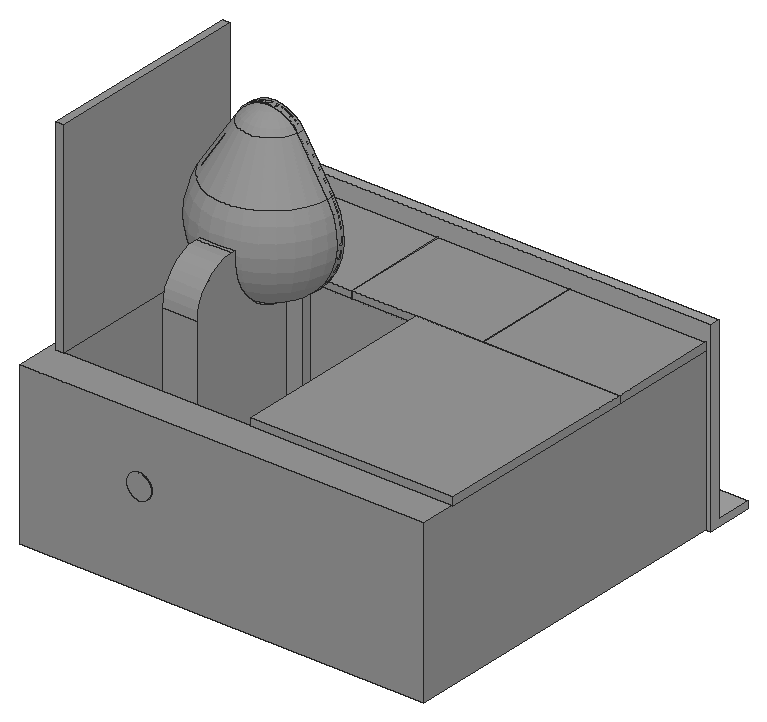
Revit family "Modular_Patient_Care_Unit-Willoughby-Patient_Care_Unit-WH-1750-L-SFO", category Plumbing Fixtures, Revit 2015
Parameters (values of type "Standard")
  Waste RAD [instance] = Waste DIA / 2  # 1 1/4"
  Waste DIA [instance] = 2 1/2"
  Waste Connection = yes
  Vent Connection = no
  URL = "https://www.willoughby-ind.com/wp-content/uploads/2018/01/WH-1750.pdf"
  Type Comments = ""
  Stainless Steel = Stainless Steel AISI 304-Willoughby
  Solid Polymer Finish = Polyethylene, High Density
  Revision = "A"
  Model = "WH-1750-L-SFO"
  Manufacturer = "Willoughby Industries"
  Lav Inlets RAD [instance] = Lav Inlets DIA / 2  # 1/4"
  Lav Inlets DIA [instance] = 1/2"
  Lav Drain DIA [instance] = 1"
  Lav DR-RAD [instance] = Lav Drain DIA / 2  # 1/2"
  HW Connection = yes
  Flush inlet RAD [instance] = Flush inlet DIA / 2  # 1/2"
  Flush inlet DIA [instance] = 1"
  Dialysis Drain DIA [instance] = 1 1/2"
  Dialysis Box Inlets DIA [instance] = 1/2"
  Description = "Patient Care Unit"
  Default Elevation = 0' - 0"
  DB-RAD [instance] = Dialysis Box Inlets DIA / 2  # 1/4"
  D-Drain RAD [instance] = Dialysis Drain DIA / 2  # 3/4"
  Contact Number = "(800) 428-4065"
  CW Connection = yes
  Bed Pan Inlet RAD [instance] = Bed Pan Inlet DIA / 2  # 1/4"
  Bed Pan Inlet DIA [instance] = 1/2"
  Aquasurf Solid Surface = Solid Surface Acrylic Resin-Willoughby
Reference planes (in)
  plane 1 "Base": y = -16.25
  plane 2: z = 0
  plane 3 "Center": x = 18.31072
  plane 4: y = 23.75
  plane 5: z = 36.625
  plane 6: y = 0.72968
  plane 7 "Waste": y = -11
  plane 8 "D-HGT": y = 17.5
  plane 9 "Flush Inlet": y = 10.25
  plane 10 "D-Drain HT": y = 4.875
  plane 11 "Bed Pan Inlet": y = 10.8125
  plane 12: y = 9.25
  plane 13: y = 7
  plane 14: x = 26.99822
  plane 15: x = 24.49822
  plane 16: x = 20.49822
  plane 17: x = 14.74822
  plane 18: x = 43.87322
  plane 19: x = 42.68572
  plane 20: x = 39.81072
  plane 21: x = 36.31072
  plane 22: z = 9.375
  plane 23 "FlushValveWaterInlet": x = 27.06072
Forms (in)
  Extrusion 1, solid, material "Stainless Steel AISI 304-Willoughby" <- "Stainless Steel"
    sketch origin (16.08109, 9.45936, 3.7328) x (-1, 0, 0) y (0, 0, -1)
      loop
        line (1.29775, -16.80087) -> (1.29775, 0.9078) -> (-5.72963, 0.9078) -> (-5.72963, -16.81676)
        arc (-5.72963, -16.81676) -> (-8.98136, -21.11843) -> (-8.21015, -26.45542) r 7
        line (-8.21015, -26.45542) -> (-5.1766, -31.29711)
        arc (-5.1766, -31.29711) -> (-2.21067, -32.93881) -> (0.75526, -31.29711) r 3.5
        line (0.75526, -31.29711) -> (3.96567, -26.17314)
        arc (3.96567, -26.17314) -> (4.53029, -20.94655) -> (1.29775, -16.80087) r 7
      loop
        arc (2.03989, -24.70557) -> (-2.20225, -18.23804) -> (-6.44438, -24.70557) r 4.625
        line (-6.44438, -24.70557) -> (-4.04125, -30.23842)
        arc (-4.04125, -30.23842) -> (-2.20225, -31.45225) -> (-0.36324, -30.23842) r 2
        line (-0.36324, -30.23842) -> (2.03989, -24.70557)
    from 8.72968 to 9.5
  Revolve 2, solid, material "Stainless Steel AISI 304-Willoughby" <- "Stainless Steel"
    sketch origin (19.35349, 0.45936, 6.98335) x (-1, 0, 0) y (0, 0, -1)
      loop
        line (1.06174, -12.59906) -> (1.06174, -12.84906)
        arc (1.06174, -12.84906) -> (6.96784, -16.33096) -> (6.78077, -23.18447) r 6.75
        line (6.78077, -23.18447) -> (3.81535, -27.91457)
        arc (3.81535, -27.91457) -> (2.63527, -29.03194) -> (1.06174, -29.43826) r 3.25
        line (1.06174, -29.43826) -> (1.06174, -29.68826)
        arc (1.06174, -29.68826) -> (2.75672, -29.25045) -> (4.02767, -28.04656) r 3.5
        line (4.02767, -28.04656) -> (7.06964, -23.19143)
        arc (7.06964, -23.19143) -> (7.15052, -16.14555) -> (1.06174, -12.59906) r 7
      axis (1.06174, -12.59906) -> (1.06174, -29.68826)
    angle from 0 to -180
  Extrusion 3, solid, material "Stainless Steel AISI 304-Willoughby" <- "Stainless Steel"
    sketch origin (19.53334, -1.02032, 5.9242) x (0, 1, 0) y (0, 0, 1)
      loop
        line (-5.48285, -3.0992) -> (0.97968, -3.0992) -> (0.97968, 13.76202)
        arc (0.97968, 13.76202) -> (-3.33475, 15.6078) -> (-5.48285, 19.77995) r 6.92744
        line (-5.48285, 19.77995) -> (-5.48285, -3.0992)
    from 0.52738 to -2.97262
  Extrusion 4, solid, material "Stainless Steel AISI 304-Willoughby" <- "Stainless Steel"
    sketch origin (17.03334, 29.33792, 6.56919) x (0, 1, 0) y (0, 0, 1)
      loop
        line (-35.84109, -3.05914) -> (-35.84109, 20.30581) -> (-36.18717, 20.30581)
        arc (-36.18717, 20.30581) -> (-39.21058, 19.05347) -> (-40.46292, 16.03006) r 4.27575
        line (-40.46292, 16.03006) -> (-40.46292, -3.05914) -> (-35.84109, -3.05914)
    from -0.47262 to 3.02738
  Extrusion 5, solid, material "Solid Surface Acrylic Resin-Willoughby" <- "Aquasurf Solid Surface"
    sketch origin (36.62144, -16.25, 0) x (-1, 0, 0) y (0, 0, -1)
      loop
        line (30.81072, -0.75) -> (30.81072, 0) -> (-10.81428, 0) -> (-10.81428, -0.75) -> (30.81072, -0.75)
    from -40 to -35.375
  Extrusion 6, solid, material "Solid Surface Acrylic Resin-Willoughby" <- "Aquasurf Solid Surface"
    sketch origin (38.74644, -16.25, 1.25) x (-1, 0, 0) y (0, 0, -1)
      loop
        line (32.93572, 1.25) -> (-8.68928, 1.25) -> (-8.68928, -17.375) -> (32.93572, -17.375) -> (32.93572, 1.25)
    from -36.375 to -35.375
  Extrusion 7, solid, material "Stainless Steel AISI 304-Willoughby" <- "Stainless Steel"
    sketch origin (36.62144, -16.25, 0) x (-1, 0, 0) y (0, 0, -1)
      loop
        line (30.31072, 0) -> (-10.31428, 0) -> (-10.31428, -16.125) -> (30.31072, -16.125) -> (30.31072, 0)
    from -35.375 to 0
  Extrusion 8, void, detail levels fine
    sketch origin (36.62144, -16.25, 0) x (-1, 0, 0) y (0, 0, -1)
      loop
        line (29.56072, -16.125) -> (29.56072, -2.825) -> (-7.43928, -2.825) -> (-7.43928, -16.125) -> (29.56072, -16.125)
    from -3.625 to -24.5
  Extrusion 9, solid, material "Polyethylene, High Density" <- "Solid Polymer Finish"
    sketch origin (36.62144, -16.25, 0) x (-1, 0, 0) y (0, 0, -1)
      loop
        line (9.99822, -16.125) -> (-10.31428, -16.125) -> (-10.31428, -16.875) -> (9.99822, -16.875) -> (9.99822, -16.125)
    from -3.625 to -24.5
  Extrusion 10, solid, material "Polyethylene, High Density" <- "Solid Polymer Finish"
    sketch origin (36.62144, 4.625, 0) x (-1, 0, 0) y (0, 0, -1)
      loop
        line (3.4046, -16.125) -> (-10.31428, -16.125) -> (-10.31428, -16.875) -> (3.4046, -16.875) -> (3.4046, -16.125)
    from -3.625 to -14.5
  Extrusion 11, solid, material "Polyethylene, High Density" <- "Solid Polymer Finish"
    sketch origin (9.71531, 4.625, 0) x (-1, 0, 0) y (0, 0, -1)
      loop
        line (3.4046, -16.125) -> (-10.31428, -16.125) -> (-10.31428, -16.875) -> (3.4046, -16.875) -> (3.4046, -16.125)
    from -3.625 to -14.5
  Extrusion 12, solid, material "Polyethylene, High Density" <- "Solid Polymer Finish"
    sketch origin (23.43419, 4.625, 0) x (-1, 0, 0) y (0, 0, -1)
      loop
        line (3.4046, -16.125) -> (-9.78265, -16.125) -> (-9.78265, -16.875) -> (3.4046, -16.875) -> (3.4046, -16.125)
    from -3.625 to -14.5
  Extrusion 13, solid, material "Polyethylene, High Density" <- "Solid Polymer Finish"
    sketch origin (23.93572, -16.25, 26.12322) x (0, 0, -1) y (1, 0, 0)
      loop
        line (9.99822, -16.125) -> (-10.50178, -16.125) -> (-10.50178, -16.875) -> (9.99822, -16.875) -> (9.99822, -16.125)
    from -3.625 to -24.5
  Extrusion 14, void, detail levels fine
    sketch origin (36.62144, 19.75, 0) x (-1, 0, 0) y (0, 0, -1)
      loop
        arc (5.56072, -14.67585) -> (6.97493, -14.09007) -> (7.56072, -12.67585) r 2
        line (7.56072, -12.67585) -> (7.56072, -5.30085)
        arc (7.56072, -5.30085) -> (6.97493, -3.88664) -> (5.56072, -3.30085) r 2
        line (5.56072, -3.30085) -> (-4.68928, -3.30085)
        arc (-4.68928, -3.30085) -> (-6.10349, -3.88664) -> (-6.68928, -5.30085) r 2
        line (-6.68928, -5.30085) -> (-6.68928, -12.67585)
        arc (-6.68928, -12.67585) -> (-6.10349, -14.09007) -> (-4.68928, -14.67585) r 2
        line (-4.68928, -14.67585) -> (5.56072, -14.67585)
    from -0.375 to 5.75
  Extrusion 15, solid, material "Stainless Steel AISI 304-Willoughby" <- "Stainless Steel", detail levels medium+fine
    sketch origin (36.62144, -12.4125, -9.5875) x (-1, 0, 0) y (0, 0, 1)
      loop
        circle (18.31072, 18.9625) r 1.25
    from -3.8375 to 2.825
  Extrusion 16, solid, detail levels medium+fine
    sketch origin (38.20446, 1.46689, 0) x (-1, 0, 0) y (0, -1, 0)
      loop
        circle (13.70624, -16.03311) r 0.25
    from 0 to 0.486
  Extrusion 17, solid, detail levels medium+fine
    sketch origin (33.77303, 1.29431, 0) x (-1, 0, 0) y (0, -1, 0)
      loop
        circle (13.27481, -16.20569) r 0.25
    from 0 to 0.486
  Extrusion 18, solid, material "Stainless Steel AISI 304-Willoughby" <- "Stainless Steel", detail levels medium+fine
    sketch origin (37.05894, 0, 0) x (-1, 0, 0) y (0, -1, 0)
      loop
        circle (9.99822, -10.25) r 0.5
    from 0 to 1
  Extrusion 19, solid, material "Stainless Steel AISI 304-Willoughby" <- "Stainless Steel", detail levels medium+fine
    sketch origin (36.99644, 0, 0) x (-1, 0, 0) y (0, -1, 0)
      loop
        circle (22.24822, -4.875) r 0.75
    from 0 to 1
  Extrusion 20, solid, detail levels medium+fine
    sketch origin (36.99644, 0, 0) x (-1, 0, 0) y (0, -1, 0)
      loop
        circle (-6.87678, -10.8125) r 0.25
    from 0 to 1
  Extrusion 21, solid, detail levels medium+fine
    sketch origin (36.99644, 0, 0) x (-1, 0, 0) y (0, -1, 0)
      loop
        circle (-5.68928, -9.25) r 0.25
    from 0 to 1
  Extrusion 22, solid, detail levels medium+fine
    sketch origin (36.99644, 0, 0) x (-1, 0, 0) y (0, -1, 0)
      loop
        circle (-2.81428, -9.25) r 0.25
    from 0 to 1
  Extrusion 23, solid, material "Stainless Steel AISI 304-Willoughby" <- "Stainless Steel", detail levels medium+fine
    sketch origin (36.99644, 0, 0) x (-1, 0, 0) y (0, -1, 0)
      loop
        circle (0.68572, -7) r 0.5
    from 0 to 1
Cuts and joins
  joined: Extrusion 3, Extrusion 4
  Extrusion 8 cuts Extrusion 9
  Extrusion 8 cuts Extrusion 10
  Extrusion 8 cuts Extrusion 11
  Extrusion 8 cuts Extrusion 12
  Extrusion 8 cuts Extrusion 13
  Extrusion 8 cuts Extrusion 15
  Extrusion 14 cuts Extrusion 6
  joined: Extrusion 5, Extrusion 6
  Extrusion 8, Extrusion 14 cuts Extrusion 7
Lines and regions (in)
  symbolic lines
    curve 1: line (47.43572, 19.125, 0) -> (5.81072, 19.125, 0)
    curve 2: line (5.81072, 19.125, 0) -> (5.81072, 23.75, 0)
    curve 3: line (5.81072, 23.75, 0) -> (47.43572, 23.75, 0)
    curve 4: line (47.43572, 23.75, 0) -> (47.43572, 19.125, 0)
    curve 6: line (46.93572, 19.125, 0) -> (46.93572, -16.25, 0)
    curve 7: line (46.93572, -16.25, 0) -> (6.31072, -16.25, 0)
    curve 8: line (6.31072, -16.25, 0) -> (6.31072, 19.125, 0)
    curve 9: line (6.31072, 8.25, 0) -> (46.93572, 8.25, 0)
    curve 10: line (33.21684, 19.125, 0) -> (33.21684, 8.25, 0)
    curve 11: line (20.0296, 19.125, 0) -> (20.0296, 8.25, 0)
    curve 25: line (5.81072, -16.25, 0) -> (47.43572, -16.25, 0)
    curve 26: line (47.43572, -16.25, 0) -> (47.43572, -16.25, 18.625)
    curve 27: line (47.43572, -16.25, 18.625) -> (5.81072, -16.25, 18.625)
    curve 28: line (5.81072, -16.25, 18.625) -> (5.81072, -16.25, 0)
    curve 51: line (18.31072, 19.125, 16.125) -> (18.31072, -16.25, 16.125)
    curve 52: line (18.31072, -16.25, 16.125) -> (18.31072, -16.25, 0)
    curve 53: line (18.31072, -16.25, 0) -> (18.31072, 19.125, 0)
    curve 54: line (18.31072, 19.125, 0) -> (18.31072, 19.125, 16.125)
  symbolic lines, detail levels medium+fine
    curve 5: line (47.43572, 20.125, 0) -> (5.81072, 20.125, 0)
    curve 12: line (46.93572, -12.625, 0) -> (7.06072, -12.625, 0)
    curve 13: line (7.06072, -12.625, 0) -> (7.06072, 8.25, 0)
    curve 14: line (7.81072, 8.25, 0) -> (7.81072, -12.625, 0)
    curve 24: line (26.62322, 8.25, 0) -> (26.62322, -12.625, 0)
    curve 29: line (5.81072, -16.25, 0.75) -> (47.43572, -16.25, 0.75)
    curve 30: line (7.06072, -16.25, 18.625) -> (7.06072, -16.25, 36.625)
    curve 31: line (7.06072, -16.25, 36.625) -> (7.81072, -16.25, 36.625)
    curve 32: line (7.81072, -16.25, 36.625) -> (7.81072, -16.25, 18.625)
    curve 33: line (14.78334, -16.25, 18.625) -> (14.78334, -16.25, 20.53367)
    curve 34: line (21.81072, -16.25, 18.625) -> (21.81072, -16.25, 20.54956)
    curve 37: line (15.32583, -16.25, 35.02991) -> (12.11542, -16.25, 29.90594)
    curve 38: line (21.25768, -16.25, 35.02991) -> (24.4681, -16.25, 29.90594)
    curve 47: arc (21.25768, -16.25, 35.02991) -> (18.29176, -16.25, 36.67162) -> (15.32583, -16.25, 35.02991) r 3.5
    curve 48: arc (12.11542, -16.25, 29.90594) -> (18.29176, -16.25, 19.63206) -> (24.4681, -16.25, 29.90594) r 6.99345
    curve 55: line (18.31072, 19.125, 16.125) -> (18.31072, 19.125, 18.625)
    curve 56: line (18.31072, 19.125, 18.625) -> (18.31072, 20.125, 18.625)
    curve 57: line (18.31072, 20.125, 18.625) -> (18.31072, 20.125, 0.75)
    curve 58: line (18.31072, 20.125, 0.75) -> (18.31072, 23.75, 0.75)
    curve 59: line (18.31072, 23.75, 0.75) -> (18.31072, 23.75, 0)
    curve 60: line (18.31072, 19.125, 0) -> (18.31072, 23.75, 0)
  symbolic lines, detail levels fine
    curve 15: line (11.28334, -0.04064, 0) -> (11.28334, 0.72968, 0)
    curve 16: line (11.28334, 0.72968, 0) -> (25.28334, 0.72968, 0)
    curve 17: line (25.28334, 0.72968, 0) -> (25.28334, -0.04064, 0)
    curve 18: line (25.28334, -0.04064, 0) -> (11.28334, -0.04064, 0)
    curve 19: arc (25.28334, -0.04064, 0) -> (23.06705, -4.65362, 0) -> (18.31072, -6.54271, 0) r 7.03234
    curve 20: arc (18.31072, -6.54271, 0) -> (13.51313, -4.6793, 0) -> (11.28334, -0.04064, 0) r 7.00596
    curve 21: line (20.06072, -6.31128, 0) -> (20.06072, -11.125, 0)
    curve 22: line (20.06072, -11.125, 0) -> (16.56072, -11.125, 0)
    curve 23: line (16.56072, -11.125, 0) -> (16.56072, -6.33082, 0)
    curve 35: line (22.52547, -16.25, 28.43837) -> (20.12234, -16.25, 33.97122)
    curve 36: line (16.44433, -16.25, 33.97122) -> (14.0412, -16.25, 28.43837)
    curve 39: line (41.31072, -16.25, 14.67585) -> (31.06072, -16.25, 14.67585)
    curve 40: line (29.06072, -16.25, 12.96094) -> (29.06072, -16.25, 5.30085)
    curve 41: line (31.06072, -16.25, 3.30085) -> (41.31072, -16.25, 3.30085)
    curve 42: line (43.31072, -16.25, 5.30085) -> (43.31072, -16.25, 12.67585)
    curve 43: arc (43.31072, -16.25, 12.67585) -> (42.72493, -16.25, 14.09007) -> (41.31072, -16.25, 14.67585) r 2
    curve 44: arc (30.7516, -16.25, 14.65182) -> (29.55597, -16.25, 14.15657) -> (29.06072, -16.25, 12.96094) r 1.69088
    curve 45: arc (29.06072, -16.25, 5.30085) -> (29.64651, -16.25, 3.88664) -> (31.06072, -16.25, 3.30085) r 2
    curve 46: arc (41.31072, -16.25, 3.30085) -> (42.72493, -16.25, 3.88664) -> (43.31072, -16.25, 5.30085) r 2
    curve 49: arc (22.52547, -16.25, 28.43837) -> (18.28334, -16.25, 21.97085) -> (14.0412, -16.25, 28.43837) r 4.625
    curve 50: arc (20.12234, -16.25, 33.97122) -> (18.28334, -16.25, 35.17745) -> (16.44433, -16.25, 33.97122) r 2.00498
    curve 61: line (18.31072, 19.125, 16.875) -> (18.31072, 8.25, 16.875)
    curve 62: line (18.31072, 8.25, 16.125) -> (18.31072, 8.25, 36.625)
    curve 63: line (18.31072, 8.25, 36.625) -> (18.31072, -12.625, 36.625)
    curve 64: line (18.31072, -12.625, 36.625) -> (18.31072, -12.625, 16.125)
Dimensions and locks (in)
  locked: plane 1 "Base" to plane 7 "Waste" at 5.25
  locked: plane 1 "Base" to plane 9 "Flush Inlet" at 26.5
  locked: plane 1 "Base" to plane 10 "D-Drain HT" at 21.125
  locked: plane 11 "Bed Pan Inlet" to plane 1 "Base" at 27.0625
  locked: plane 1 "Base" to plane 12 at 25.5
  locked: plane 1 "Base" to plane 13 at 23.25
  locked: plane 14 to plane 15 at 2.5
  locked: plane 14 to plane 16 at 6.5
  locked: plane 18 to plane 14 at 16.875
  locked: plane 21 to plane 14 at 9.3125
  locked: plane 3 "Center" to plane 14 at 8.6875
  plane 14 to plane 23 "FlushValveWaterInlet" = 0' - 0 1/16"
  plane 14 to plane 20 = 1' - 0 13/16"
  plane 14 to plane 19 = 1' - 3 11/16"
  connector elem to plane 14 = 1' - 0 1/4"
  locked: cut or joined group of Extrusion 7, Extrusion 8, Extrusion 14 to cut or joined group of Extrusion 5, Extrusion 6, Extrusion 14 at 18.625
  locked: cut or joined group of Extrusion 5, Extrusion 6, Extrusion 14 to cut or joined group of Extrusion 5, Extrusion 6, Extrusion 14 at 0.75  (x2)
  locked: cut or joined group of Extrusion 8, Extrusion 11 to level at 16.875
  locked: cut or joined group of Extrusion 8, Extrusion 13 to cut or joined group of Extrusion 8, Extrusion 13 at 20.875
  locked: cut or joined group of Extrusion 8, Extrusion 13 to plane 1 "Base" at 3.625
  locked: cut or joined group of Extrusion 3, Extrusion 4 to plane 1 "Base" at 5.125
  locked: cut or joined group of Extrusion 8, Extrusion 13 to level at 36.625
  locked: cut or joined group of Extrusion 5, Extrusion 6, Extrusion 14 to cut or joined group of Extrusion 5, Extrusion 6, Extrusion 14 at 1
  locked: cut or joined group of Extrusion 3, Extrusion 4 to level at 26.875
  locked: level to cut or joined group of Extrusion 5, Extrusion 6, Extrusion 14 at 18.625
  locked: cut or joined group of Extrusion 5, Extrusion 6, Extrusion 14 to cut or joined group of Extrusion 5, Extrusion 6, Extrusion 14 at 41.625
  locked: plane 3 "Center" to cut or joined group of Extrusion 5, Extrusion 6, Extrusion 14 at 12.5
  locked: cut or joined group of Extrusion 5, Extrusion 6, Extrusion 14 to cut or joined group of Extrusion 5, Extrusion 6, Extrusion 14 at 4.125
  locked: cut or joined group of Extrusion 5, Extrusion 6, Extrusion 14 to cut or joined group of Extrusion 5, Extrusion 6, Extrusion 14 at 14.25
  locked: cut or joined group of Extrusion 5, Extrusion 6, Extrusion 14 to cut or joined group of Extrusion 5, Extrusion 6, Extrusion 14 at 3.30085
  locked: cut or joined group of Extrusion 5, Extrusion 6, Extrusion 14 to cut or joined group of Extrusion 5, Extrusion 6, Extrusion 14 at 11.375
  locked: cut or joined group of Extrusion 5, Extrusion 6, Extrusion 14 to cut or joined group of Extrusion 7, Extrusion 8, Extrusion 14 at 16.125
  locked: cut or joined group of Extrusion 7, Extrusion 8, Extrusion 14 to cut or joined group of Extrusion 7, Extrusion 8, Extrusion 14 at 40.625
  locked: plane 3 "Center" to cut or joined group of Extrusion 7, Extrusion 8, Extrusion 14 at 12
  locked: level to cut or joined group of Extrusion 7, Extrusion 8, Extrusion 14 at 2.825
  locked: cut or joined group of Extrusion 7, Extrusion 8, Extrusion 14 to cut or joined group of Extrusion 7, Extrusion 8, Extrusion 14 at 13.3
  locked: cut or joined group of Extrusion 5, Extrusion 6, Extrusion 14 to cut or joined group of Extrusion 7, Extrusion 8, Extrusion 14 at 1.25
  locked: cut or joined group of Extrusion 7, Extrusion 8, Extrusion 14 to cut or joined group of Extrusion 7, Extrusion 8, Extrusion 14 at 37
  locked: cut or joined group of Extrusion 8, Extrusion 13 to cut or joined group of Extrusion 8, Extrusion 13 at 0.75  (x2)
  locked: level to plane 5 at 36.625
  locked: cut or joined group of Extrusion 7, Extrusion 8, Extrusion 14 to cut or joined group of Extrusion 8, Extrusion 10 at 0.75
  locked: cut or joined group of Extrusion 8, Extrusion 10 to cut or joined group of Extrusion 8, Extrusion 9 at 20.3125
  locked: cut or joined group of Extrusion 8, Extrusion 11 to cut or joined group of Extrusion 8, Extrusion 12 at 13.71888  (x2)
  locked: cut or joined group of Extrusion 7, Extrusion 8, Extrusion 14 to cut or joined group of Extrusion 8, Extrusion 11 at 0.75
  locked: cut or joined group of Extrusion 8, Extrusion 12 to cut or joined group of Extrusion 8, Extrusion 12 at 13.18725
  locked: cut or joined group of Extrusion 8, Extrusion 10 to cut or joined group of Extrusion 8, Extrusion 12 at 13.71888
  locked: cut or joined group of Extrusion 5, Extrusion 6, Extrusion 14 to cut or joined group of Extrusion 8, Extrusion 13 at 1.25
  radius of cut or joined group of Extrusion 3, Extrusion 4 = 0' - 6.92744"
  radius of cut or joined group of Extrusion 3, Extrusion 4 = 0' - 4.27575"
  radius of cut or joined group of Extrusion 5, Extrusion 6, Extrusion 14 = 0' - 2"  (x4)
  radius of Extrusion 1 = 0' - 7"
  radius of Extrusion 1 = 0' - 4 5/8"
  radius of Extrusion 1 = 0' - 2"
  radius of Extrusion 1 = 0' - 3 1/2"
  locked: Extrusion 1 to Extrusion 1 (angle 64.1382°)
  locked: Extrusion 1 to Extrusion 1 (angle 46.9544°)
  aligned and locked: plane 1 "Base" to cut or joined group of Extrusion 8, Extrusion 15
  aligned and locked: plane 22 to Extrusion 15 sketch curve
  aligned and locked: Extrusion 6 to level
  aligned and locked: cut or joined group of Extrusion 5, Extrusion 6, Extrusion 14 to level  (x3)
  aligned and locked: cut or joined group of Extrusion 7, Extrusion 8, Extrusion 14 to level
  aligned and locked: Extrusion 6 to Extrusion 5
  aligned and locked: Extrusion 6 to Extrusion 14
  aligned and locked: Extrusion 7 to cut or joined group of Extrusion 5, Extrusion 6, Extrusion 14
  aligned and locked: Extrusion 11 to cut or joined group of Extrusion 5, Extrusion 6, Extrusion 14
  aligned and locked: Extrusion 12 to cut or joined group of Extrusion 8, Extrusion 11
  aligned and locked: Extrusion 10 to cut or joined group of Extrusion 8, Extrusion 11
  aligned and locked: level to cut or joined group of Extrusion 5, Extrusion 6, Extrusion 14
  aligned and locked: level to cut or joined group of Extrusion 7, Extrusion 8, Extrusion 14
  aligned and locked: plane 1 "Base" to cut or joined group of Extrusion 7, Extrusion 8, Extrusion 14
  aligned and locked: cut or joined group of Extrusion 5, Extrusion 6, Extrusion 14 to cut or joined group of Extrusion 5, Extrusion 6, Extrusion 14  (x17)
  aligned and locked: plane 4 to cut or joined group of Extrusion 5, Extrusion 6, Extrusion 14
  aligned and locked: cut or joined group of Extrusion 8, Extrusion 13 to cut or joined group of Extrusion 8, Extrusion 9
  aligned and locked: cut or joined group of Extrusion 8, Extrusion 13 to plane 5  (x2)
  aligned and locked: cut or joined group of Extrusion 5, Extrusion 6, Extrusion 14 to cut or joined group of Extrusion 7, Extrusion 8, Extrusion 14
  aligned and locked: cut or joined group of Extrusion 7, Extrusion 8, Extrusion 14 to cut or joined group of Extrusion 5, Extrusion 6, Extrusion 14  (x4)
  aligned and locked: connector elem to plane 23 "FlushValveWaterInlet"
  aligned: connector elem to plane 20
  aligned: connector elem to plane 19
  aligned and locked: connector elem to plane 20
  aligned and locked: connector elem to plane 19
  aligned and locked: connector elem to plane 17
  aligned: Extrusion 19 to plane 10 "D-Drain HT"
  aligned: Extrusion 23 to plane 13  (x3)
  aligned: plane 9 "Flush Inlet" to Extrusion 18
  aligned: Extrusion 20 to plane 11 "Bed Pan Inlet"
  aligned: Extrusion 21 to plane 12  (x2)
  aligned: Extrusion 22 to plane 12
  aligned and locked: cut or joined group of Extrusion 5, Extrusion 6, Extrusion 14 to plane 2
  aligned and locked: Extrusion 1 to Revolve 2
  aligned and locked: Revolve 2 to Extrusion 1
  aligned and locked: cut or joined group of Extrusion 8, Extrusion 13 to cut or joined group of Extrusion 8, Extrusion 13  (x10)
  aligned and locked: cut or joined group of Extrusion 8, Extrusion 12 to cut or joined group of Extrusion 8, Extrusion 11
  aligned and locked: cut or joined group of Extrusion 3, Extrusion 4 to Extrusion 1
  aligned and locked: plane 6 to Extrusion 1
  aligned and locked: Extrusion 6 sketch curve to level
  aligned and locked: level to Extrusion 5 sketch curve
  aligned and locked: Extrusion 5 sketch curve to cut or joined group of Extrusion 5, Extrusion 6, Extrusion 14  (x2)
  aligned and locked: level to Extrusion 7 sketch curve
  aligned and locked: Extrusion 8 sketch curve to cut or joined group of Extrusion 7, Extrusion 8, Extrusion 14
  aligned and locked: plane 5 to Extrusion 13 sketch curve
  aligned and locked: cut or joined group of Extrusion 7, Extrusion 8, Extrusion 14 to Extrusion 13 sketch curve
  aligned and locked: Extrusion 13 sketch curve to cut or joined group of Extrusion 7, Extrusion 8, Extrusion 14
  aligned and locked: Extrusion 9 sketch curve to cut or joined group of Extrusion 7, Extrusion 8, Extrusion 14  (x2)
  aligned and locked: cut or joined group of Extrusion 8, Extrusion 12 to Extrusion 9 sketch curve
  aligned and locked: Extrusion 11 sketch curve to cut or joined group of Extrusion 7, Extrusion 8, Extrusion 14
  aligned and locked: cut or joined group of Extrusion 7, Extrusion 8, Extrusion 14 to Extrusion 11 sketch curve
  aligned and locked: Extrusion 12 sketch curve to cut or joined group of Extrusion 7, Extrusion 8, Extrusion 14
  aligned and locked: Extrusion 10 sketch curve to cut or joined group of Extrusion 7, Extrusion 8, Extrusion 14  (x2)
  aligned: plane 2 to level
  aligned and locked: cut or joined group of Extrusion 8, Extrusion 9 to cut or joined group of Extrusion 8, Extrusion 9
  aligned and locked: cut or joined group of Extrusion 8, Extrusion 10 to cut or joined group of Extrusion 8, Extrusion 11
Connectors (in)
  piping at (18.31072, -16.25, 9.375), diameter 2.5, driven by "Waste RAD", driven by "Waste Connection"
    settings: on Extrusion 15, index 10, connector inside diameter 2 1/2", connector length 0' - 0", flow factor 0, pipe flow 0 GPM, pressure drop 0.00 psi, fitting loss kfactor 0, connector angle 0.00°, fixture units 0, engagement length 0' - 0", angle of deflection 0.00°, flow configuration 0, flow direction 2, fitting loss method 0, system type 16, joint type 0, gender type 0, connector reference index -1, connector utility 1, adjustable connector yes, is connector primary yes, connector description "Toilet Waste"
  piping at (20.49822, 17.5, 0), diameter 0.5, driven by "DB-RAD", driven by "HW Connection"
    settings: on Extrusion 17, index 11, connector inside diameter 1/2", connector length 0' - 0", flow factor 0, pipe flow 0 GPM, pressure drop 0.00 psi, fitting loss kfactor 0, connector angle 0.00°, fixture units 0, engagement length 0' - 0", angle of deflection 0.00°, flow configuration 0, flow direction 1, fitting loss method 0, system type 19, joint type 0, gender type 0, connector reference index -1, connector utility 1, adjustable connector no, is connector primary no, connector description "Dialysis Hot"
  piping at (24.49822, 17.5, 0), diameter 0.5, driven by "DB-RAD", driven by "CW Connection"
    settings: on Extrusion 16, index 12, connector inside diameter 1/2", connector length 0' - 0", flow factor 0, pipe flow 0 GPM, pressure drop 0.00 psi, fitting loss kfactor 0, connector angle 0.00°, fixture units 0, engagement length 0' - 0", angle of deflection 0.00°, flow configuration 0, flow direction 1, fitting loss method 0, system type 20, joint type 0, gender type 0, connector reference index -1, connector utility 1, adjustable connector no, is connector primary no, connector description "Dialysis Cold"
  piping at (27.06072, 10.25, 0), diameter 1, driven by "Flush inlet RAD", driven by "CW Connection"
    settings: on Extrusion 18, index 13, connector inside diameter 1", connector length 0' - 0", flow factor 0, pipe flow 0 GPM, pressure drop 0.00 psi, fitting loss kfactor 0, connector angle 0.00°, fixture units 0, engagement length 0' - 0", angle of deflection 0.00°, flow configuration 0, flow direction 1, fitting loss method 0, system type 20, joint type 0, gender type 0, connector reference index -1, connector utility 1, adjustable connector no, is connector primary no, connector description "Flush Inlet"
  piping at (14.74822, 4.875, 0), diameter 1.5, driven by "D-Drain RAD", driven by "Waste Connection"
    settings: on Extrusion 19, index 14, connector inside diameter 1 1/2", connector length 0' - 0", flow factor 0, pipe flow 0 GPM, pressure drop 0.00 psi, fitting loss kfactor 0, connector angle 0.00°, fixture units 0, engagement length 0' - 0", angle of deflection 0.00°, flow configuration 0, flow direction 2, fitting loss method 0, system type 16, joint type 0, gender type 0, connector reference index -1, connector utility 1, adjustable connector yes, is connector primary no, connector description "Dialysis Waste"
  piping at (43.87322, 10.8125, 0), diameter 0.5, driven by "Bed Pan Inlet RAD", driven by "CW Connection"
    settings: on Extrusion 20, index 15, connector inside diameter 1/2", connector length 0' - 0", flow factor 0, pipe flow 0 GPM, pressure drop 0.00 psi, fitting loss kfactor 0, connector angle 0.00°, fixture units 0, engagement length 0' - 0", angle of deflection 0.00°, flow configuration 0, flow direction 1, fitting loss method 0, system type 20, joint type 0, gender type 0, connector reference index -1, connector utility 1, adjustable connector no, is connector primary no, connector description "Bed Pan CW Inlet"
  piping at (42.68572, 9.25, 0), diameter 0.5, driven by "Lav Inlets RAD", driven by "CW Connection"
    settings: on Extrusion 21, index 16, connector inside diameter 1/2", connector length 0' - 0", flow factor 0, pipe flow 0 GPM, pressure drop 0.00 psi, fitting loss kfactor 0, connector angle 0.00°, fixture units 0, engagement length 0' - 0", angle of deflection 0.00°, flow configuration 0, flow direction 1, fitting loss method 0, system type 20, joint type 0, gender type 0, connector reference index -1, connector utility 1, adjustable connector no, is connector primary no, connector description "Lav Cold"
  piping at (39.81072, 9.25, 0), diameter 0.5, driven by "Lav Inlets RAD", driven by "HW Connection"
    settings: on Extrusion 22, index 17, connector inside diameter 1/2", connector length 0' - 0", flow factor 0, pipe flow 0 GPM, pressure drop 0.00 psi, fitting loss kfactor 0, connector angle 0.00°, fixture units 0, engagement length 0' - 0", angle of deflection 0.00°, flow configuration 0, flow direction 1, fitting loss method 0, system type 19, joint type 0, gender type 0, connector reference index -1, connector utility 1, adjustable connector no, is connector primary no, connector description "Lav Hot"
  piping at (36.31072, 7, 0), diameter 1, driven by "Lav DR-RAD", driven by "Waste Connection"
    settings: on Extrusion 23, index 18, connector inside diameter 1", connector length 0' - 0", flow factor 0, pipe flow 0 GPM, pressure drop 0.00 psi, fitting loss kfactor 0, connector angle 0.00°, fixture units 0, engagement length 0' - 0", angle of deflection 0.00°, flow configuration 0, flow direction 2, fitting loss method 0, system type 16, joint type 0, gender type 0, connector reference index -1, connector utility 1, adjustable connector yes, is connector primary no, connector description "Sink Waste"
